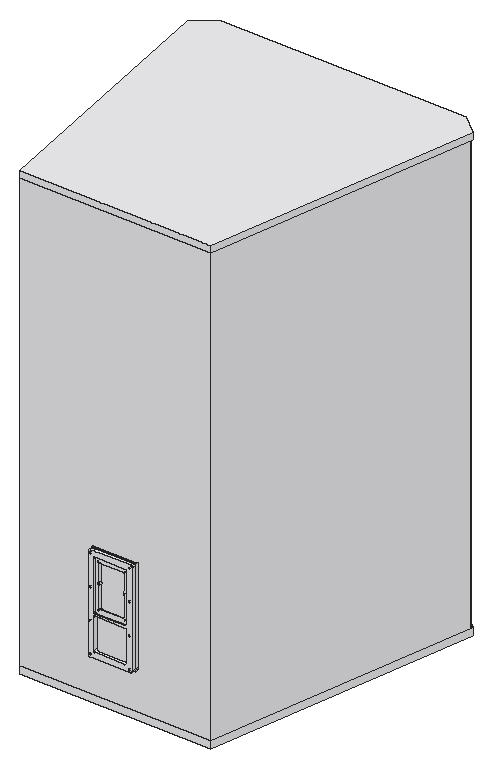
Revit family "EVC-1152-95", category Communication Devices, Revit 2017 (continued)
Definition of nested family "InputPanel_small"
  Lines and regions (mm)
    model lines, not visible
      curve 484: line (54.504, -9.5, 76.743) -> (56.298, -9.5, 74.554)
      curve 485: line (56.298, -9.5, 74.554) -> (55.807, -9.5, 74.222)
      curve 486: line (54.503, -9.5, 83.049) -> (56.297, -9.5, 80.86)
      curve 487: line (56.297, -9.5, 80.86) -> (55.806, -9.5, 80.528)
      curve 488: line (54.531, -9.5, 76.998) -> (56.131, -9.5, 75.046)
      curve 489: line (56.131, -9.5, 75.046) -> (56.7, -9.5, 75.046)
      curve 490: line (56.7, -9.5, 75.046) -> (54.662, -9.5, 77.533)
      curve 491: line (54.531, -9.5, 83.304) -> (56.13, -9.5, 81.352)
      curve 492: line (56.13, -9.5, 81.352) -> (56.699, -9.5, 81.352)
      curve 493: line (56.699, -9.5, 81.352) -> (54.661, -9.5, 83.839)
      curve 494: line (54.505, -9.5, 70.437) -> (56.298, -9.5, 68.248)
      curve 495: line (56.298, -9.5, 68.248) -> (55.807, -9.5, 67.915)
      curve 496: line (54.506, -9.5, 64.13) -> (56.299, -9.5, 61.942)
      curve 497: line (56.299, -9.5, 61.942) -> (55.808, -9.5, 61.609)
      curve 498: line (54.533, -9.5, 64.385) -> (56.132, -9.5, 62.433)
      curve 499: line (56.132, -9.5, 62.433) -> (56.702, -9.5, 62.433)
      curve 500: line (56.702, -9.5, 62.433) -> (54.664, -9.5, 64.92)
      curve 501: line (54.532, -9.5, 70.691) -> (56.131, -9.5, 68.739)
      curve 502: line (56.131, -9.5, 68.739) -> (56.701, -9.5, 68.739)
      curve 503: line (56.701, -9.5, 68.739) -> (54.663, -9.5, 71.227)
      curve 504: line (51.568, -9.5, 63.815) -> (51.568, -9.5, 60.772)
      curve 505: line (51.568, -9.5, 60.772) -> (46.145, -9.5, 60.771)
      curve 506: line (46.145, -9.5, 60.771) -> (46.141, -9.5, 85.996)
      curve 507: line (46.141, -9.5, 85.996) -> (51.565, -9.5, 85.997)
      curve 508: line (51.565, -9.5, 85.997) -> (52.989, -9.5, 85.997)
      curve 509: line (52.989, -9.5, 85.997) -> (49.876, -9.5, 86.125)
      curve 510: line (49.876, -9.5, 86.125) -> (49.754, -9.5, 86.302)
      curve 511: line (52.992, -9.5, 60.772) -> (51.568, -9.5, 60.772)
      curve 512: line (45.361, -9.5, 79.392) -> (45.362, -9.5, 73.88)
      curve 513: line (45.362, -9.5, 73.88) -> (41.147, -9.5, 73.88)
      curve 514: line (41.147, -9.5, 73.88) -> (41.146, -9.5, 79.392)
      curve 515: line (41.146, -9.5, 79.392) -> (45.361, -9.5, 79.392)
      curve 516: line (41.146, -9.5, 79.988) -> (41.145, -9.5, 85.499)
      curve 517: line (41.145, -9.5, 85.499) -> (45.36, -9.5, 85.5)
      curve 518: line (45.36, -9.5, 85.5) -> (45.361, -9.5, 79.988)
      curve 519: line (45.361, -9.5, 79.988) -> (41.146, -9.5, 79.988)
      curve 520: line (45.819, -9.5, 60.771) -> (45.816, -9.5, 85.996)
      curve 521: line (45.816, -9.5, 85.996) -> (40.689, -9.5, 85.996)
      curve 522: line (40.689, -9.5, 85.996) -> (40.692, -9.5, 60.771)
      curve 523: line (40.692, -9.5, 60.771) -> (45.819, -9.5, 60.771)
      curve 524: line (45.819, -9.5, 60.771) -> (46.145, -9.5, 60.771)
      curve 525: line (45.363, -9.5, 66.78) -> (45.363, -9.5, 61.268)
      curve 526: line (45.363, -9.5, 61.268) -> (41.148, -9.5, 61.267)
      curve 527: line (41.148, -9.5, 61.267) -> (41.147, -9.5, 66.779)
      curve 528: line (41.147, -9.5, 66.779) -> (45.363, -9.5, 66.78)
      curve 529: line (41.147, -9.5, 67.375) -> (41.147, -9.5, 72.887)
      curve 530: line (41.147, -9.5, 72.887) -> (45.362, -9.5, 72.887)
      curve 531: line (45.362, -9.5, 72.887) -> (45.363, -9.5, 67.375)
      curve 532: line (45.363, -9.5, 67.375) -> (41.147, -9.5, 67.375)
      curve 533: line (45.816, -9.5, 85.996) -> (46.141, -9.5, 85.996)
      curve 534: line (46.141, -9.5, 85.996) -> (42.88, -9.5, 86.124)
      curve 535: line (42.88, -9.5, 86.124) -> (42.758, -9.5, 86.301)
      curve 536: line (42.758, -9.5, 86.301) -> (45.891, -9.5, 86.301)
      curve 537: line (45.891, -9.5, 86.301) -> (46.013, -9.5, 86.124)
      curve 538: line (45.361, -9.5, 78.225) -> (43.953, -9.5, 78.225)
      curve 539: line (43.953, -9.5, 78.225) -> (43.627, -9.5, 78.913)
      curve 540: line (43.627, -9.5, 78.913) -> (43.242, -9.5, 79.392)
      curve 541: line (45.363, -9.5, 65.613) -> (43.954, -9.5, 65.612)
      curve 542: line (43.954, -9.5, 65.612) -> (43.629, -9.5, 66.3)
      curve 543: line (43.629, -9.5, 66.3) -> (43.244, -9.5, 66.779)
      curve 544: line (45.362, -9.5, 68.542) -> (43.954, -9.5, 68.542)
      curve 545: line (43.954, -9.5, 68.542) -> (43.629, -9.5, 67.854)
      curve 546: line (43.629, -9.5, 67.854) -> (43.244, -9.5, 67.375)
      curve 547: line (45.361, -9.5, 81.155) -> (43.952, -9.5, 81.155)
      curve 548: line (43.952, -9.5, 81.155) -> (43.627, -9.5, 80.467)
      curve 549: line (43.627, -9.5, 80.467) -> (43.242, -9.5, 79.988)
      curve 550: line (45.362, -9.5, 71.919) -> (43.954, -9.5, 71.919)
      curve 551: line (43.954, -9.5, 71.919) -> (43.628, -9.5, 72.607)
      curve 552: line (43.628, -9.5, 72.607) -> (43.403, -9.5, 72.887)
      curve 553: line (45.361, -9.5, 84.532) -> (43.952, -9.5, 84.531)
      curve 554: line (43.952, -9.5, 84.531) -> (43.627, -9.5, 85.219)
      curve 555: line (43.627, -9.5, 85.219) -> (43.401, -9.5, 85.5)
      curve 556: line (45.362, -9.5, 74.849) -> (43.953, -9.5, 74.848)
      curve 557: line (43.953, -9.5, 74.848) -> (43.628, -9.5, 74.16)
      curve 558: line (43.403, -9.5, 73.88) -> (43.628, -9.5, 74.16)
      curve 559: line (43.628, -9.5, 74.16) -> (43.627, -9.5, 78.913)
      curve 560: line (45.363, -9.5, 62.236) -> (43.955, -9.5, 62.236)
      curve 561: line (43.955, -9.5, 62.236) -> (43.629, -9.5, 61.548)
      curve 562: line (43.629, -9.5, 61.548) -> (43.629, -9.5, 66.3)
      curve 563: line (43.404, -9.5, 61.267) -> (43.629, -9.5, 61.548)
      curve 564: line (43.954, -9.5, 68.542) -> (43.954, -9.5, 71.919)
      curve 565: line (43.952, -9.5, 81.155) -> (43.952, -9.5, 84.531)
      curve 566: line (43.954, -9.5, 65.612) -> (43.955, -9.5, 62.236)
      curve 567: line (43.953, -9.5, 78.225) -> (43.953, -9.5, 74.848)
      curve 568: line (45.891, -9.5, 86.301) -> (45.891, -9.5, 86.563)
      curve 569: line (45.891, -9.5, 86.563) -> (42.758, -9.5, 86.562)
      curve 570: line (42.758, -9.5, 86.562) -> (42.758, -9.5, 86.301)
      curve 571: line (45.891, -9.5, 86.563) -> (46.472, -9.5, 86.563)
      curve 572: line (46.472, -9.5, 86.563) -> (46.472, -9.5, 86.301)
      curve 573: line (46.472, -9.5, 86.301) -> (46.35, -9.5, 86.124)
      curve 574: line (42.244, -9.5, 79.988) -> (42.243, -9.5, 85.499)
      curve 575: line (42.246, -9.5, 67.375) -> (42.245, -9.5, 72.887)
      curve 576: line (42.246, -9.5, 61.267) -> (42.246, -9.5, 66.779)
      curve 577: line (42.245, -9.5, 73.88) -> (42.244, -9.5, 79.392)
      curve 578: line (43.629, -9.5, 67.854) -> (43.628, -9.5, 72.607)
      curve 579: line (43.627, -9.5, 80.467) -> (43.627, -9.5, 85.219)
      curve 580: line (52.887, -9.5, 86.302) -> (53.009, -9.5, 86.125)
      curve 581: line (52.887, -9.5, 86.563) -> (52.887, -9.5, 86.302)
      curve 582: line (52.887, -9.5, 86.302) -> (49.754, -9.5, 86.302)
      curve 583: line (49.754, -9.5, 86.302) -> (49.754, -9.5, 86.563)
      curve 584: line (49.754, -9.5, 86.563) -> (52.887, -9.5, 86.563)
      curve 585: line (52.887, -9.5, 86.563) -> (53.468, -9.5, 86.563)
      curve 586: line (53.468, -9.5, 86.563) -> (53.468, -9.5, 86.302)
      curve 587: line (53.468, -9.5, 86.302) -> (53.346, -9.5, 86.125)
      curve 588: line (78.97, -9.5, 60.972) -> (78.967, -9.5, 85.803)
      curve 589: line (78.912, -9.5, 85.748) -> (78.915, -9.5, 61.027)
      curve 590: line (77.958, -9.5, 86.812) -> (40.515, -9.5, 86.808)
      curve 591: line (40.57, -9.5, 86.753) -> (77.903, -9.5, 86.757)
      curve 592: line (39.506, -9.5, 85.799) -> (39.509, -9.5, 60.968)
      curve 593: line (39.509, -9.5, 60.97) -> (39.561, -9.5, 85.744)
      curve 594: line (40.518, -9.5, 59.959) -> (77.962, -9.5, 59.963)
      curve 595: line (77.907, -9.5, 60.018) -> (40.573, -9.5, 60.014)
      curve 596: line (61.368, -9.5, 70.233) -> (59.749, -9.5, 70.232)
      curve 597: line (59.749, -9.5, 70.232) -> (59.415, -9.5, 70.232)
      curve 598: line (61.369, -9.5, 63.926) -> (59.75, -9.5, 63.926)
      curve 599: line (59.75, -9.5, 63.926) -> (59.417, -9.5, 63.926)
      curve 600: line (61.367, -9.5, 76.539) -> (59.748, -9.5, 76.539)
      curve 601: line (59.748, -9.5, 76.539) -> (59.415, -9.5, 76.539)
      curve 602: line (61.367, -9.5, 82.845) -> (59.747, -9.5, 82.845)
      curve 603: line (59.747, -9.5, 82.845) -> (59.414, -9.5, 82.845)
      curve 604: line (57.109, -9.5, 76.538) -> (58.728, -9.5, 76.539)
      curve 605: line (58.728, -9.5, 76.539) -> (59.062, -9.5, 76.539)
      curve 606: line (57.108, -9.5, 82.845) -> (58.727, -9.5, 82.845)
      curve 607: line (58.727, -9.5, 82.845) -> (59.06, -9.5, 82.845)
      curve 608: line (57.109, -9.5, 70.232) -> (58.729, -9.5, 70.232)
      curve 609: line (58.729, -9.5, 70.232) -> (59.062, -9.5, 70.232)
      curve 610: line (57.11, -9.5, 63.926) -> (58.729, -9.5, 63.926)
      curve 611: line (58.729, -9.5, 63.926) -> (59.063, -9.5, 63.926)
    model lines
      curve 612: arc (-30.696, -4.337, 30.291) -> (-31.037, -4.337, 28.695) -> (-32.139, -4.337, 27.491) r 3.109
      curve 613: arc (-30.695, -4.337, 42.904) -> (-31.035, -4.337, 41.308) -> (-32.138, -4.337, 40.104) r 3.109
      curve 614: arc (-30.698, -4.337, 23.985) -> (-31.033, -4.337, 22.399) -> (-32.121, -4.337, 21.198) r 3.108
      curve 615: arc (-30.696, -4.337, 36.598) -> (-31.031, -4.337, 35.012) -> (-32.119, -4.337, 33.811) r 3.108
      curve 616: arc (-31.992, -4.337, 33.004) -> (-31.001, -4.337, 31.812) -> (-30.695, -4.337, 30.291) r 3.166
      curve 617: arc (-31.991, -4.337, 45.616) -> (-30.999, -4.337, 44.424) -> (-30.693, -4.337, 42.904) r 3.166
      curve 618: arc (-31.993, -4.337, 26.696) -> (-31.002, -4.337, 25.504) -> (-30.696, -4.337, 23.985) r 3.165
      curve 619: arc (-31.991, -4.337, 39.309) -> (-31.001, -4.337, 38.117) -> (-30.695, -4.337, 36.598) r 3.165
      curve 620: arc (-30.343, -4.337, 36.598) -> (-30.002, -4.337, 38.194) -> (-28.9, -4.337, 39.398) r 3.109
      curve 621: arc (-30.344, -4.337, 23.985) -> (-30.004, -4.337, 25.581) -> (-28.901, -4.337, 26.785) r 3.109
      curve 622: arc (-30.341, -4.337, 42.904) -> (-30.006, -4.337, 44.49) -> (-28.918, -4.337, 45.691) r 3.108
      curve 623: arc (-30.343, -4.337, 30.291) -> (-30.007, -4.337, 31.877) -> (-28.92, -4.337, 33.078) r 3.108
      curve 624: arc (-29.046, -4.337, 33.885) -> (-30.038, -4.337, 35.077) -> (-30.344, -4.337, 36.598) r 3.166
      curve 625: arc (-29.048, -4.337, 21.273) -> (-30.039, -4.337, 22.465) -> (-30.346, -4.337, 23.985) r 3.166
      curve 626: arc (-29.046, -4.337, 40.193) -> (-30.037, -4.337, 41.385) -> (-30.343, -4.337, 42.904) r 3.165
      curve 627: arc (-29.048, -4.337, 27.58) -> (-30.038, -4.337, 28.772) -> (-30.344, -4.337, 30.291) r 3.165
      curve 628: arc (-33.959, -4.337, 27.746) -> (-35.033, -4.337, 28.816) -> (-35.384, -4.337, 30.292) r 2.775
      curve 629: arc (-34.651, -4.337, 27.426) -> (-35.725, -4.337, 28.679) -> (-36.075, -4.337, 30.292) r 3.371
      curve 630: arc (-33.959, -4.337, 27.746) -> (-34.28, -4.337, 27.533) -> (-34.651, -4.337, 27.426) r 1.273
      curve 631: arc (-33.957, -4.337, 40.358) -> (-35.031, -4.337, 41.429) -> (-35.382, -4.337, 42.905) r 2.775
      curve 632: arc (-34.649, -4.337, 40.039) -> (-35.723, -4.337, 41.292) -> (-36.074, -4.337, 42.905) r 3.371
      curve 633: arc (-33.957, -4.337, 40.358) -> (-34.279, -4.337, 40.146) -> (-34.649, -4.337, 40.039) r 1.273
      curve 634: arc (-33.96, -4.337, 21.44) -> (-35.033, -4.337, 22.511) -> (-35.384, -4.337, 23.986) r 2.774
      curve 635: arc (-34.651, -4.337, 21.121) -> (-35.725, -4.337, 22.374) -> (-36.075, -4.337, 23.986) r 3.37
      curve 636: arc (-33.96, -4.337, 21.44) -> (-34.281, -4.337, 21.228) -> (-34.651, -4.337, 21.121) r 1.273
      curve 637: arc (-33.958, -4.337, 34.053) -> (-35.032, -4.337, 35.123) -> (-35.382, -4.337, 36.598) r 2.774
      curve 638: arc (-34.65, -4.337, 33.734) -> (-35.723, -4.337, 34.986) -> (-36.074, -4.337, 36.598) r 3.37
      curve 639: arc (-33.958, -4.337, 34.053) -> (-34.28, -4.337, 33.84) -> (-34.65, -4.337, 33.734) r 1.273
      curve 640: arc (-35.384, -4.337, 30.292) -> (-35.033, -4.337, 31.767) -> (-33.958, -4.337, 32.838) r 2.775
      curve 641: arc (-34.65, -4.337, 33.157) -> (-34.28, -4.337, 33.051) -> (-33.958, -4.337, 32.838) r 1.273
      curve 642: arc (-36.075, -4.337, 30.292) -> (-35.724, -4.337, 31.905) -> (-34.65, -4.337, 33.157) r 3.371
      curve 643: arc (-35.382, -4.337, 42.905) -> (-35.031, -4.337, 44.38) -> (-33.957, -4.337, 45.451) r 2.775
      curve 644: arc (-34.648, -4.337, 45.77) -> (-34.278, -4.337, 45.663) -> (-33.957, -4.337, 45.451) r 1.273
      curve 645: arc (-36.074, -4.337, 42.905) -> (-35.723, -4.337, 44.517) -> (-34.648, -4.337, 45.77) r 3.371
      curve 646: arc (-35.384, -4.337, 23.986) -> (-35.033, -4.337, 25.461) -> (-33.959, -4.337, 26.531) r 2.774
      curve 647: arc (-34.651, -4.337, 26.85) -> (-34.28, -4.337, 26.743) -> (-33.959, -4.337, 26.531) r 1.273
      curve 648: arc (-36.075, -4.337, 23.986) -> (-35.725, -4.337, 25.598) -> (-34.651, -4.337, 26.85) r 3.37
      curve 649: arc (-35.382, -4.337, 36.598) -> (-35.031, -4.337, 38.073) -> (-33.958, -4.337, 39.143) r 2.774
      curve 650: arc (-34.649, -4.337, 39.463) -> (-34.279, -4.337, 39.356) -> (-33.958, -4.337, 39.143) r 1.273
      curve 651: arc (-36.074, -4.337, 36.598) -> (-35.723, -4.337, 38.21) -> (-34.649, -4.337, 39.463) r 3.37
      curve 652: arc (-30.908, -4.337, 23.985) -> (-31.259, -4.337, 22.51) -> (-32.333, -4.337, 21.44) r 2.774
      curve 653: arc (-32.332, -4.337, 26.53) -> (-31.258, -4.337, 25.46) -> (-30.908, -4.337, 23.985) r 2.774
      curve 654: arc (-30.906, -4.337, 30.291) -> (-31.258, -4.337, 28.816) -> (-32.332, -4.337, 27.745) r 2.775
      curve 655: arc (-32.331, -4.337, 32.838) -> (-31.257, -4.337, 31.767) -> (-30.906, -4.337, 30.291) r 2.775
      curve 656: arc (-30.906, -4.337, 36.598) -> (-31.257, -4.337, 35.123) -> (-32.331, -4.337, 34.053) r 2.774
      curve 657: arc (-32.33, -4.337, 39.143) -> (-31.257, -4.337, 38.073) -> (-30.906, -4.337, 36.598) r 2.774
      curve 658: arc (-30.905, -4.337, 42.904) -> (-31.256, -4.337, 41.429) -> (-32.33, -4.337, 40.358) r 2.775
      curve 659: arc (-32.33, -4.337, 45.45) -> (-31.256, -4.337, 44.38) -> (-30.905, -4.337, 42.904) r 2.775
      curve 660: arc (-36.768, -4.337, 27.427) -> (-37.818, -4.337, 28.63) -> (-38.191, -4.337, 30.182) r 3.348
      curve 661: arc (-36.766, -4.337, 40.039) -> (-37.816, -4.337, 41.242) -> (-38.19, -4.337, 42.794) r 3.348
      curve 662: arc (-38.191, -4.337, 30.403) -> (-37.817, -4.337, 31.955) -> (-36.767, -4.337, 33.158) r 3.348
      curve 663: arc (-38.19, -4.337, 43.015) -> (-37.816, -4.337, 44.568) -> (-36.766, -4.337, 45.77) r 3.348
      curve 664: arc (-36.769, -4.337, 21.121) -> (-37.825, -4.337, 22.337) -> (-38.192, -4.337, 23.905) r 3.353
      curve 665: arc (-36.767, -4.337, 33.734) -> (-37.823, -4.337, 34.95) -> (-38.191, -4.337, 36.517) r 3.353
      curve 666: arc (-38.192, -4.337, 24.067) -> (-37.824, -4.337, 25.635) -> (-36.768, -4.337, 26.85) r 3.353
      curve 667: arc (-38.191, -4.337, 36.68) -> (-37.823, -4.337, 38.248) -> (-36.767, -4.337, 39.463) r 3.353
      curve 668: arc (-32.649, -4.337, 30.292) -> (-32.982, -4.337, 28.919) -> (-34.009, -4.337, 27.951) r 2.482
      curve 669: arc (-32.65, -4.337, 23.985) -> (-32.983, -4.337, 22.613) -> (-34.01, -4.337, 21.644) r 2.482
      curve 670: arc (-33.058, -4.337, 25.478) -> (-32.751, -4.337, 24.76) -> (-32.65, -4.337, 23.985) r 2.857
      curve 671: arc (-33.734, -4.337, 25.636) -> (-33.68, -4.337, 25.558) -> (-33.628, -4.337, 25.478) r 2.446
      curve 672: arc (-33.058, -4.337, 31.784) -> (-32.75, -4.337, 31.066) -> (-32.649, -4.337, 30.292) r 2.857
      curve 673: arc (-33.733, -4.337, 31.942) -> (-33.679, -4.337, 31.864) -> (-33.627, -4.337, 31.784) r 2.446
      curve 674: arc (-32.649, -4.337, 36.598) -> (-32.981, -4.337, 35.226) -> (-34.008, -4.337, 34.257) r 2.482
      curve 675: arc (-32.648, -4.337, 42.904) -> (-32.98, -4.337, 41.532) -> (-34.008, -4.337, 40.563) r 2.482
      curve 676: arc (-33.057, -4.337, 38.091) -> (-32.75, -4.337, 37.372) -> (-32.649, -4.337, 36.598) r 2.857
      curve 677: arc (-33.733, -4.337, 38.249) -> (-33.678, -4.337, 38.171) -> (-33.626, -4.337, 38.091) r 2.446
      curve 678: arc (-33.056, -4.337, 44.397) -> (-32.749, -4.337, 43.679) -> (-32.648, -4.337, 42.904) r 2.857
      curve 679: arc (-33.732, -4.337, 44.555) -> (-33.677, -4.337, 44.477) -> (-33.626, -4.337, 44.397) r 2.446
      curve 680: arc (-27.08, -4.337, 39.143) -> (-26.006, -4.337, 38.073) -> (-25.655, -4.337, 36.597) r 2.775
      curve 681: arc (-26.388, -4.337, 39.463) -> (-25.314, -4.337, 38.21) -> (-24.964, -4.337, 36.597) r 3.371
      curve 682: arc (-27.08, -4.337, 39.143) -> (-26.759, -4.337, 39.356) -> (-26.388, -4.337, 39.463) r 1.273
      curve 683: arc (-27.082, -4.337, 26.531) -> (-26.007, -4.337, 25.46) -> (-25.657, -4.337, 23.984) r 2.775
      curve 684: arc (-26.39, -4.337, 26.85) -> (-25.316, -4.337, 25.597) -> (-24.965, -4.337, 23.984) r 3.371
      curve 685: arc (-27.082, -4.337, 26.531) -> (-26.76, -4.337, 26.743) -> (-26.39, -4.337, 26.85) r 1.273
      curve 686: arc (-27.079, -4.337, 45.449) -> (-26.006, -4.337, 44.378) -> (-25.655, -4.337, 42.903) r 2.774
      curve 687: arc (-26.388, -4.337, 45.768) -> (-25.314, -4.337, 44.515) -> (-24.963, -4.337, 42.903) r 3.37
      curve 688: arc (-27.079, -4.337, 45.449) -> (-26.758, -4.337, 45.661) -> (-26.388, -4.337, 45.768) r 1.273
      curve 689: arc (-27.081, -4.337, 32.836) -> (-26.007, -4.337, 31.766) -> (-25.657, -4.337, 30.291) r 2.774
      curve 690: arc (-26.389, -4.337, 33.155) -> (-25.315, -4.337, 31.903) -> (-24.965, -4.337, 30.291) r 3.37
      curve 691: arc (-27.081, -4.337, 32.836) -> (-26.759, -4.337, 33.049) -> (-26.389, -4.337, 33.155) r 1.273
      curve 692: arc (-25.655, -4.337, 36.597) -> (-26.006, -4.337, 35.122) -> (-27.081, -4.337, 34.051) r 2.775
      curve 693: arc (-26.389, -4.337, 33.732) -> (-26.759, -4.337, 33.838) -> (-27.081, -4.337, 34.051) r 1.273
      curve 694: arc (-24.964, -4.337, 36.597) -> (-25.315, -4.337, 34.984) -> (-26.389, -4.337, 33.732) r 3.371
      curve 695: arc (-25.657, -4.337, 23.984) -> (-26.008, -4.337, 22.509) -> (-27.082, -4.337, 21.438) r 2.775
      curve 696: arc (-26.391, -4.337, 21.119) -> (-26.761, -4.337, 21.226) -> (-27.082, -4.337, 21.438) r 1.273
      curve 697: arc (-24.965, -4.337, 23.984) -> (-25.316, -4.337, 22.372) -> (-26.391, -4.337, 21.119) r 3.371
      curve 698: arc (-25.655, -4.337, 42.903) -> (-26.006, -4.337, 41.429) -> (-27.08, -4.337, 40.358) r 2.774
      curve 699: arc (-26.388, -4.337, 40.039) -> (-26.759, -4.337, 40.146) -> (-27.08, -4.337, 40.358) r 1.273
      curve 700: arc (-24.963, -4.337, 42.903) -> (-25.314, -4.337, 41.291) -> (-26.388, -4.337, 40.039) r 3.37
      curve 701: arc (-25.657, -4.337, 30.291) -> (-26.008, -4.337, 28.816) -> (-27.081, -4.337, 27.746) r 2.774
      curve 702: arc (-26.39, -4.337, 27.426) -> (-26.76, -4.337, 27.533) -> (-27.081, -4.337, 27.746) r 1.273
      curve 703: arc (-24.965, -4.337, 30.291) -> (-25.316, -4.337, 28.679) -> (-26.39, -4.337, 27.426) r 3.37
      curve 704: arc (-30.131, -4.337, 42.904) -> (-29.78, -4.337, 44.379) -> (-28.706, -4.337, 45.449) r 2.774
      curve 705: arc (-28.707, -4.337, 40.359) -> (-29.78, -4.337, 41.429) -> (-30.131, -4.337, 42.904) r 2.774
      curve 706: arc (-30.133, -4.337, 36.598) -> (-29.781, -4.337, 38.073) -> (-28.707, -4.337, 39.144) r 2.775
      curve 707: arc (-28.708, -4.337, 34.051) -> (-29.782, -4.337, 35.122) -> (-30.133, -4.337, 36.598) r 2.775
      curve 708: arc (-30.133, -4.337, 30.291) -> (-29.782, -4.337, 31.766) -> (-28.708, -4.337, 32.836) r 2.774
      curve 709: arc (-28.708, -4.337, 27.746) -> (-29.782, -4.337, 28.816) -> (-30.133, -4.337, 30.291) r 2.774
      curve 710: arc (-30.134, -4.337, 23.985) -> (-29.783, -4.337, 25.46) -> (-28.709, -4.337, 26.531) r 2.775
      curve 711: arc (-28.709, -4.337, 21.439) -> (-29.783, -4.337, 22.509) -> (-30.134, -4.337, 23.985) r 2.775
      curve 712: arc (-24.271, -4.337, 39.462) -> (-23.221, -4.337, 38.26) -> (-22.848, -4.337, 36.707) r 3.348
      curve 713: arc (-24.272, -4.337, 26.85) -> (-23.223, -4.337, 25.647) -> (-22.849, -4.337, 24.095) r 3.348
      curve 714: arc (-22.848, -4.337, 36.486) -> (-23.222, -4.337, 34.934) -> (-24.272, -4.337, 33.731) r 3.348
      curve 715: arc (-22.849, -4.337, 23.874) -> (-23.223, -4.337, 22.321) -> (-24.273, -4.337, 21.119) r 3.348
      curve 716: arc (-24.27, -4.337, 45.768) -> (-23.214, -4.337, 44.552) -> (-22.847, -4.337, 42.984) r 3.353
      curve 717: arc (-24.272, -4.337, 33.155) -> (-23.216, -4.337, 31.939) -> (-22.848, -4.337, 30.372) r 3.353
      curve 718: arc (-22.847, -4.337, 42.822) -> (-23.215, -4.337, 41.254) -> (-24.271, -4.337, 40.039) r 3.353
      curve 719: arc (-22.848, -4.337, 30.209) -> (-23.216, -4.337, 28.641) -> (-24.272, -4.337, 27.426) r 3.353
      curve 720: arc (-28.389, -4.337, 42.904) -> (-28.056, -4.337, 44.276) -> (-27.029, -4.337, 45.245) r 2.482
      curve 721: arc (-28.39, -4.337, 36.597) -> (-28.057, -4.337, 37.97) -> (-27.03, -4.337, 38.938) r 2.482
      curve 722: arc (-27.981, -4.337, 35.105) -> (-28.288, -4.337, 35.823) -> (-28.39, -4.337, 36.597) r 2.857
      curve 723: arc (-27.306, -4.337, 34.947) -> (-27.36, -4.337, 35.025) -> (-27.412, -4.337, 35.105) r 2.446
      curve 724: arc (-27.981, -4.337, 41.411) -> (-28.288, -4.337, 42.129) -> (-28.389, -4.337, 42.904) r 2.857
      curve 725: arc (-27.305, -4.337, 41.253) -> (-27.359, -4.337, 41.331) -> (-27.411, -4.337, 41.411) r 2.446
      curve 726: arc (-28.39, -4.337, 30.291) -> (-28.058, -4.337, 31.663) -> (-27.031, -4.337, 32.632) r 2.482
      curve 727: arc (-28.391, -4.337, 23.985) -> (-28.058, -4.337, 25.357) -> (-27.031, -4.337, 26.326) r 2.482
      curve 728: arc (-27.983, -4.337, 22.492) -> (-28.29, -4.337, 23.21) -> (-28.391, -4.337, 23.985) r 2.857
      curve 729: arc (-27.307, -4.337, 22.334) -> (-27.362, -4.337, 22.412) -> (-27.413, -4.337, 22.492) r 2.446
      curve 730: arc (-27.982, -4.337, 28.799) -> (-28.289, -4.337, 29.517) -> (-28.39, -4.337, 30.291) r 2.857
      curve 731: arc (-27.306, -4.337, 28.64) -> (-27.361, -4.337, 28.718) -> (-27.412, -4.337, 28.798) r 2.446
      curve 732: spline (-49.243, -4.337, 20.022) -> (-49.374, -4.337, 20.031) -> (-49.504, -4.337, 20.057) -> (-49.629, -4.337, 20.099) -> (-49.747, -4.337, 20.158) -> (-49.857, -4.337, 20.231) -> (-49.956, -4.337, 20.318) -> (-50.043, -4.337, 20.417) -> (-50.116, -4.337, 20.527) -> (-50.175, -4.337, 20.645) -> (-50.217, -4.337, 20.77) -> (-50.243, -4.337, 20.9) -> (-50.251, -4.337, 21.031)
      curve 733: spline (-50.248, -4.337, 45.862) -> (-50.24, -4.337, 45.994) -> (-50.214, -4.337, 46.124) -> (-50.172, -4.337, 46.249) -> (-50.113, -4.337, 46.367) -> (-50.04, -4.337, 46.477) -> (-49.953, -4.337, 46.576) -> (-49.854, -4.337, 46.663) -> (-49.744, -4.337, 46.736) -> (-49.626, -4.337, 46.794) -> (-49.501, -4.337, 46.837) -> (-49.371, -4.337, 46.863) -> (-49.239, -4.337, 46.871)
      curve 734: spline (-11.796, -4.337, 46.867) -> (-11.664, -4.337, 46.858) -> (-11.535, -4.337, 46.832) -> (-11.41, -4.337, 46.79) -> (-11.291, -4.337, 46.731) -> (-11.182, -4.337, 46.658) -> (-11.082, -4.337, 46.571) -> (-10.995, -4.337, 46.472) -> (-10.922, -4.337, 46.362) -> (-10.864, -4.337, 46.244) -> (-10.821, -4.337, 46.119) -> (-10.796, -4.337, 45.989) -> (-10.787, -4.337, 45.858)
      curve 735: spline (-10.79, -4.337, 21.029) -> (-10.798, -4.337, 20.897) -> (-10.824, -4.337, 20.767) -> (-10.866, -4.337, 20.642) -> (-10.925, -4.337, 20.523) -> (-10.998, -4.337, 20.413) -> (-11.085, -4.337, 20.314) -> (-11.184, -4.337, 20.227) -> (-11.294, -4.337, 20.153) -> (-11.412, -4.337, 20.095) -> (-11.538, -4.337, 20.052) -> (-11.667, -4.337, 20.026) -> (-11.799, -4.337, 20.018)
      curve 736: spline (-11.851, -4.337, 46.812) -> (-11.719, -4.337, 46.803) -> (-11.59, -4.337, 46.777) -> (-11.465, -4.337, 46.735) -> (-11.346, -4.337, 46.676) -> (-11.237, -4.337, 46.603) -> (-11.137, -4.337, 46.516) -> (-11.05, -4.337, 46.417) -> (-10.977, -4.337, 46.307) -> (-10.919, -4.337, 46.189) -> (-10.876, -4.337, 46.064) -> (-10.851, -4.337, 45.934) -> (-10.842, -4.337, 45.803)
      curve 737: spline (-10.845, -4.337, 21.082) -> (-10.854, -4.337, 20.95) -> (-10.879, -4.337, 20.82) -> (-10.922, -4.337, 20.696) -> (-10.98, -4.337, 20.577) -> (-11.054, -4.337, 20.467) -> (-11.141, -4.337, 20.368) -> (-11.24, -4.337, 20.281) -> (-11.35, -4.337, 20.208) -> (-11.468, -4.337, 20.15) -> (-11.593, -4.337, 20.107) -> (-11.722, -4.337, 20.081) -> (-11.854, -4.337, 20.073)
      curve 738: spline (-50.193, -4.337, 45.807) -> (-50.185, -4.337, 45.939) -> (-50.159, -4.337, 46.069) -> (-50.117, -4.337, 46.194) -> (-50.058, -4.337, 46.312) -> (-49.985, -4.337, 46.422) -> (-49.898, -4.337, 46.521) -> (-49.799, -4.337, 46.608) -> (-49.689, -4.337, 46.681) -> (-49.571, -4.337, 46.739) -> (-49.446, -4.337, 46.782) -> (-49.316, -4.337, 46.808) -> (-49.184, -4.337, 46.816)
      curve 739: spline (-49.188, -4.337, 20.077) -> (-49.319, -4.337, 20.086) -> (-49.449, -4.337, 20.112) -> (-49.574, -4.337, 20.154) -> (-49.692, -4.337, 20.213) -> (-49.802, -4.337, 20.286) -> (-49.901, -4.337, 20.373) -> (-49.988, -4.337, 20.472) -> (-50.061, -4.337, 20.582) -> (-50.12, -4.337, 20.7) -> (-50.162, -4.337, 20.825) -> (-50.188, -4.337, 20.955) -> (-50.196, -4.337, 21.086)
      curve 740: line (-35.26, -4.337, 30.292) -> (-35.099, -4.337, 31.28)
      curve 741: line (-35.099, -4.337, 31.28) -> (-34.641, -4.337, 32.118)
      curve 742: line (-34.641, -4.337, 32.118) -> (-33.954, -4.337, 32.677)
      curve 743: line (-33.954, -4.337, 32.677) -> (-33.145, -4.337, 32.874)
      curve 744: line (-33.145, -4.337, 32.874) -> (-32.335, -4.337, 32.677)
      curve 745: line (-32.335, -4.337, 32.677) -> (-31.649, -4.337, 32.117)
      curve 746: line (-31.649, -4.337, 32.117) -> (-31.191, -4.337, 31.28)
      curve 747: line (-31.191, -4.337, 31.28) -> (-31.03, -4.337, 30.291)
      curve 748: line (-31.03, -4.337, 30.291) -> (-31.191, -4.337, 29.303)
      curve 749: line (-31.191, -4.337, 29.303) -> (-31.65, -4.337, 28.466)
      curve 750: line (-31.65, -4.337, 28.466) -> (-32.336, -4.337, 27.906)
      curve 751: line (-32.336, -4.337, 27.906) -> (-33.145, -4.337, 27.71)
      curve 752: line (-33.145, -4.337, 27.71) -> (-33.955, -4.337, 27.906)
      curve 753: line (-33.955, -4.337, 27.906) -> (-34.641, -4.337, 28.466)
      curve 754: line (-34.641, -4.337, 28.466) -> (-35.096, -4.337, 29.297)
      curve 755: line (-35.099, -4.337, 29.304) -> (-35.384, -4.337, 30.292)
      curve 756: line (-35.384, -4.337, 30.292) -> (-36.075, -4.337, 30.292)
      curve 757: line (-36.075, -4.337, 30.292) -> (-38.193, -4.337, 30.292)
      curve 758: line (-38.193, -4.337, 30.292) -> (-38.192, -4.337, 24.067)
      curve 759: line (-35.259, -4.337, 42.905) -> (-35.098, -4.337, 43.893)
      curve 760: line (-35.098, -4.337, 43.893) -> (-34.639, -4.337, 44.73)
      curve 761: line (-34.639, -4.337, 44.73) -> (-33.953, -4.337, 45.29)
      curve 762: line (-33.953, -4.337, 45.29) -> (-33.143, -4.337, 45.486)
      curve 763: line (-33.143, -4.337, 45.486) -> (-32.334, -4.337, 45.29)
      curve 764: line (-32.334, -4.337, 45.29) -> (-31.648, -4.337, 44.73)
      curve 765: line (-31.648, -4.337, 44.73) -> (-31.189, -4.337, 43.892)
      curve 766: line (-31.189, -4.337, 43.892) -> (-31.028, -4.337, 42.904)
      curve 767: line (-31.028, -4.337, 42.904) -> (-31.19, -4.337, 41.916)
      curve 768: line (-31.19, -4.337, 41.916) -> (-31.648, -4.337, 41.078)
      curve 769: line (-31.648, -4.337, 41.078) -> (-32.334, -4.337, 40.519)
      curve 770: line (-32.334, -4.337, 40.519) -> (-33.144, -4.337, 40.322)
      curve 771: line (-33.144, -4.337, 40.322) -> (-33.953, -4.337, 40.519)
      curve 772: line (-33.953, -4.337, 40.519) -> (-34.639, -4.337, 41.079)
      curve 773: line (-34.639, -4.337, 41.079) -> (-35.094, -4.337, 41.91)
      curve 774: line (-35.098, -4.337, 41.916) -> (-35.382, -4.337, 42.905)
      curve 775: line (-35.382, -4.337, 42.905) -> (-36.074, -4.337, 42.905)
      curve 776: line (-36.074, -4.337, 42.905) -> (-38.191, -4.337, 42.905)
      curve 777: line (-38.191, -4.337, 42.905) -> (-38.191, -4.337, 36.68)
      curve 778: line (-35.261, -4.337, 23.986) -> (-35.1, -4.337, 24.974)
      curve 779: line (-35.1, -4.337, 24.974) -> (-34.641, -4.337, 25.811)
      curve 780: line (-34.641, -4.337, 25.811) -> (-33.955, -4.337, 26.371)
      curve 781: line (-33.955, -4.337, 26.371) -> (-33.146, -4.337, 26.567)
      curve 782: line (-33.146, -4.337, 26.567) -> (-32.336, -4.337, 26.371)
      curve 783: line (-32.336, -4.337, 26.371) -> (-31.65, -4.337, 25.811)
      curve 784: line (-31.65, -4.337, 25.811) -> (-31.192, -4.337, 24.973)
      curve 785: line (-31.192, -4.337, 24.973) -> (-31.031, -4.337, 23.985)
      curve 786: line (-31.031, -4.337, 23.985) -> (-31.192, -4.337, 22.997)
      curve 787: line (-31.192, -4.337, 22.997) -> (-31.65, -4.337, 22.159)
      curve 788: line (-31.65, -4.337, 22.159) -> (-32.337, -4.337, 21.6)
      curve 789: line (-32.337, -4.337, 21.6) -> (-33.146, -4.337, 21.403)
      curve 790: line (-33.146, -4.337, 21.403) -> (-33.956, -4.337, 21.6)
      curve 791: line (-33.956, -4.337, 21.6) -> (-34.642, -4.337, 22.16)
      curve 792: line (-34.642, -4.337, 22.16) -> (-35.096, -4.337, 22.991)
      curve 793: line (-35.1, -4.337, 22.997) -> (-35.384, -4.337, 23.986)
      curve 794: line (-35.384, -4.337, 23.986) -> (-36.075, -4.337, 23.986)
      curve 795: line (-36.075, -4.337, 23.986) -> (-38.193, -4.337, 23.986)
      curve 796: line (-38.193, -4.337, 23.986) -> (-38.192, -4.337, 20.833)
      curve 797: line (-38.192, -4.337, 20.833) -> (-36.769, -4.337, 20.833)
      curve 798: line (-36.769, -4.337, 20.833) -> (-39.881, -4.337, 20.705)
      curve 799: line (-39.881, -4.337, 20.705) -> (-40.003, -4.337, 20.528)
      curve 800: line (-40.003, -4.337, 20.528) -> (-36.871, -4.337, 20.528)
      curve 801: line (-36.871, -4.337, 20.528) -> (-36.749, -4.337, 20.705)
      curve 802: line (-35.259, -4.337, 36.598) -> (-35.098, -4.337, 37.586)
      curve 803: line (-35.098, -4.337, 37.586) -> (-34.64, -4.337, 38.424)
      curve 804: line (-34.64, -4.337, 38.424) -> (-33.953, -4.337, 38.984)
      curve 805: line (-33.953, -4.337, 38.984) -> (-33.144, -4.337, 39.18)
      curve 806: line (-33.144, -4.337, 39.18) -> (-32.335, -4.337, 38.983)
      curve 807: line (-32.335, -4.337, 38.983) -> (-31.648, -4.337, 38.424)
      curve 808: line (-31.648, -4.337, 38.424) -> (-31.19, -4.337, 37.586)
      curve 809: line (-31.19, -4.337, 37.586) -> (-31.029, -4.337, 36.598)
      curve 810: line (-31.029, -4.337, 36.598) -> (-31.19, -4.337, 35.61)
      curve 811: line (-31.19, -4.337, 35.61) -> (-31.649, -4.337, 34.772)
      curve 812: line (-31.649, -4.337, 34.772) -> (-32.335, -4.337, 34.212)
      curve 813: line (-32.335, -4.337, 34.212) -> (-33.145, -4.337, 34.016)
      curve 814: line (-33.145, -4.337, 34.016) -> (-33.954, -4.337, 34.213)
      curve 815: line (-33.954, -4.337, 34.213) -> (-34.64, -4.337, 34.772)
      curve 816: line (-34.64, -4.337, 34.772) -> (-35.095, -4.337, 35.603)
      curve 817: line (-35.099, -4.337, 35.61) -> (-35.382, -4.337, 36.598)
      curve 818: line (-35.382, -4.337, 36.598) -> (-36.074, -4.337, 36.598)
      curve 819: line (-36.074, -4.337, 36.598) -> (-38.191, -4.337, 36.599)
      curve 820: line (-38.191, -4.337, 36.599) -> (-38.191, -4.337, 30.403)
      curve 821: line (-32.33, -4.337, 46.057) -> (-32.118, -4.337, 46.057)
      curve 822: line (-32.118, -4.337, 46.057) -> (-32.118, -4.337, 45.714)
      curve 823: line (-32.197, -4.337, 45.576) -> (-32.33, -4.337, 45.45)
      curve 824: line (-32.33, -4.337, 45.45) -> (-32.33, -4.337, 46.057)
      curve 825: line (-32.33, -4.337, 46.057) -> (-33.957, -4.337, 46.058)
      curve 826: line (-33.957, -4.337, 46.058) -> (-33.957, -4.337, 45.451)
      curve 827: line (-33.958, -4.337, 39.143) -> (-33.957, -4.337, 40.358)
      curve 828: line (-33.958, -4.337, 32.838) -> (-33.958, -4.337, 34.053)
      curve 829: line (-33.959, -4.337, 26.531) -> (-33.959, -4.337, 27.746)
      curve 830: line (-32.333, -4.337, 20.832) -> (-32.121, -4.337, 20.832)
      curve 831: line (-32.121, -4.337, 20.832) -> (-32.121, -4.337, 21.198)
      curve 832: line (-32.2, -4.337, 21.314) -> (-32.333, -4.337, 21.44)
      curve 833: line (-32.333, -4.337, 21.44) -> (-32.333, -4.337, 20.832)
      curve 834: line (-32.333, -4.337, 20.832) -> (-33.96, -4.337, 20.832)
      curve 835: line (-33.96, -4.337, 20.832) -> (-33.96, -4.337, 21.44)
      curve 836: line (-32.12, -4.337, 26.794) -> (-32.123, -4.337, 27.472)
      curve 837: line (-32.199, -4.337, 27.619) -> (-32.332, -4.337, 27.745)
      curve 838: line (-32.332, -4.337, 27.745) -> (-32.332, -4.337, 26.53)
      curve 839: line (-32.332, -4.337, 26.53) -> (-32.199, -4.337, 26.657)
      curve 840: line (-32.331, -4.337, 32.838) -> (-32.331, -4.337, 34.053)
      curve 841: line (-32.331, -4.337, 34.053) -> (-32.198, -4.337, 33.927)
      curve 842: line (-32.119, -4.337, 33.811) -> (-32.119, -4.337, 33.102)
      curve 843: line (-32.198, -4.337, 32.964) -> (-32.331, -4.337, 32.838)
      curve 844: line (-32.119, -4.337, 39.407) -> (-32.122, -4.337, 40.085)
      curve 845: line (-32.197, -4.337, 40.232) -> (-32.33, -4.337, 40.358)
      curve 846: line (-32.33, -4.337, 40.358) -> (-32.33, -4.337, 39.143)
      curve 847: line (-32.33, -4.337, 39.143) -> (-32.197, -4.337, 39.269)
      curve 848: line (-36.767, -4.337, 33.734) -> (-34.65, -4.337, 33.734)
      curve 849: line (-34.65, -4.337, 33.734) -> (-34.65, -4.337, 33.157)
      curve 850: line (-34.65, -4.337, 33.157) -> (-36.767, -4.337, 33.158)
      curve 851: line (-36.767, -4.337, 33.158) -> (-36.767, -4.337, 33.734)
      curve 852: line (-36.768, -4.337, 27.427) -> (-36.768, -4.337, 26.85)
      curve 853: line (-36.768, -4.337, 26.85) -> (-34.651, -4.337, 26.85)
      curve 854: line (-34.651, -4.337, 26.85) -> (-34.651, -4.337, 27.426)
      curve 855: line (-34.651, -4.337, 27.426) -> (-36.768, -4.337, 27.427)
      curve 856: line (-36.766, -4.337, 40.039) -> (-36.767, -4.337, 39.463)
      curve 857: line (-36.767, -4.337, 39.463) -> (-34.649, -4.337, 39.463)
      curve 858: line (-34.649, -4.337, 39.463) -> (-34.649, -4.337, 40.039)
      curve 859: line (-34.649, -4.337, 40.039) -> (-36.766, -4.337, 40.039)
      curve 860: line (-34.651, -4.337, 20.832) -> (-36.769, -4.337, 20.833)
      curve 861: line (-36.769, -4.337, 20.833) -> (-36.769, -4.337, 21.121)
      curve 862: line (-36.769, -4.337, 21.121) -> (-34.651, -4.337, 21.121)
      curve 863: line (-34.651, -4.337, 21.121) -> (-34.651, -4.337, 20.832)
      curve 864: line (-34.651, -4.337, 20.832) -> (-33.96, -4.337, 20.832)
      curve 865: line (-33.957, -4.337, 46.058) -> (-34.648, -4.337, 46.058)
      curve 866: line (-34.648, -4.337, 46.058) -> (-34.648, -4.337, 45.77)
      curve 867: line (-34.648, -4.337, 45.77) -> (-36.766, -4.337, 45.77)
      curve 868: line (-36.766, -4.337, 45.77) -> (-36.766, -4.337, 46.058)
      curve 869: line (-36.766, -4.337, 46.058) -> (-34.648, -4.337, 46.058)
      curve 870: line (-35.254, -4.337, 23.781) -> (-33.461, -4.337, 25.97)
      curve 871: line (-33.461, -4.337, 25.97) -> (-33.952, -4.337, 26.302)
      curve 872: line (-35.254, -4.337, 30.087) -> (-33.46, -4.337, 32.276)
      curve 873: line (-33.46, -4.337, 32.276) -> (-33.951, -4.337, 32.608)
      curve 874: line (-35.227, -4.337, 23.526) -> (-33.628, -4.337, 25.478)
      curve 875: line (-33.628, -4.337, 25.478) -> (-33.058, -4.337, 25.478)
      curve 876: line (-33.058, -4.337, 25.478) -> (-35.096, -4.337, 22.991)
      curve 877: line (-35.227, -4.337, 29.832) -> (-33.627, -4.337, 31.784)
      curve 878: line (-33.627, -4.337, 31.784) -> (-33.058, -4.337, 31.784)
      curve 879: line (-33.058, -4.337, 31.784) -> (-35.096, -4.337, 29.297)
      curve 880: line (-35.226, -4.337, 36.139) -> (-33.626, -4.337, 38.091)
      curve 881: line (-33.626, -4.337, 38.091) -> (-33.057, -4.337, 38.091)
      curve 882: line (-33.057, -4.337, 38.091) -> (-35.095, -4.337, 35.603)
      curve 883: line (-35.253, -4.337, 36.393) -> (-33.459, -4.337, 38.582)
      curve 884: line (-33.459, -4.337, 38.582) -> (-33.95, -4.337, 38.915)
      curve 885: line (-35.252, -4.337, 42.7) -> (-33.459, -4.337, 44.888)
      curve 886: line (-33.459, -4.337, 44.888) -> (-33.95, -4.337, 45.221)
      curve 887: line (-35.225, -4.337, 42.445) -> (-33.626, -4.337, 44.397)
      curve 888: line (-33.626, -4.337, 44.397) -> (-33.056, -4.337, 44.397)
      curve 889: line (-33.056, -4.337, 44.397) -> (-35.094, -4.337, 41.91)
      curve 890: line (-38.19, -4.337, 43.015) -> (-38.189, -4.337, 46.058)
      curve 891: line (-38.189, -4.337, 46.058) -> (-43.613, -4.337, 46.059)
      curve 892: line (-43.613, -4.337, 46.059) -> (-43.616, -4.337, 20.834)
      curve 893: line (-43.616, -4.337, 20.834) -> (-38.192, -4.337, 20.833)
      curve 894: line (-36.766, -4.337, 46.058) -> (-38.189, -4.337, 46.058)
      curve 895: line (-43.613, -4.337, 46.059) -> (-43.939, -4.337, 46.059)
      curve 896: line (-43.939, -4.337, 46.059) -> (-43.942, -4.337, 20.834)
      curve 897: line (-43.942, -4.337, 20.834) -> (-43.616, -4.337, 20.834)
      curve 898: line (-43.616, -4.337, 20.834) -> (-43.745, -4.337, 20.706)
      curve 899: line (-43.745, -4.337, 20.706) -> (-43.867, -4.337, 20.529)
      curve 900: line (-44.397, -4.337, 27.438) -> (-44.396, -4.337, 32.95)
      curve 901: line (-44.396, -4.337, 32.95) -> (-48.611, -4.337, 32.95)
      curve 902: line (-48.611, -4.337, 32.95) -> (-48.612, -4.337, 27.438)
      curve 903: line (-48.612, -4.337, 27.438) -> (-44.397, -4.337, 27.438)
      curve 904: line (-48.612, -4.337, 26.842) -> (-48.613, -4.337, 21.331)
      curve 905: line (-48.613, -4.337, 21.331) -> (-44.397, -4.337, 21.33)
      curve 906: line (-44.397, -4.337, 21.33) -> (-44.397, -4.337, 26.842)
      curve 907: line (-44.397, -4.337, 26.842) -> (-48.612, -4.337, 26.842)
      curve 908: line (-43.942, -4.337, 20.834) -> (-49.068, -4.337, 20.834)
      curve 909: line (-49.068, -4.337, 20.834) -> (-49.065, -4.337, 46.059)
      curve 910: line (-49.065, -4.337, 46.059) -> (-43.939, -4.337, 46.059)
      curve 911: line (-44.395, -4.337, 40.05) -> (-44.395, -4.337, 45.562)
      curve 912: line (-44.395, -4.337, 45.562) -> (-48.61, -4.337, 45.563)
      curve 913: line (-48.61, -4.337, 45.563) -> (-48.61, -4.337, 40.051)
      curve 914: line (-48.61, -4.337, 40.051) -> (-44.395, -4.337, 40.05)
      curve 915: line (-48.611, -4.337, 39.455) -> (-48.611, -4.337, 33.943)
      curve 916: line (-48.611, -4.337, 33.943) -> (-44.396, -4.337, 33.943)
      curve 917: line (-44.396, -4.337, 33.943) -> (-44.395, -4.337, 39.455)
      curve 918: line (-44.395, -4.337, 39.455) -> (-48.611, -4.337, 39.455)
      curve 919: line (-44.395, -4.337, 41.217) -> (-45.804, -4.337, 41.218)
      curve 920: line (-45.804, -4.337, 41.218) -> (-46.129, -4.337, 40.53)
      curve 921: line (-46.129, -4.337, 40.53) -> (-46.514, -4.337, 40.051)
      curve 922: line (-44.397, -4.337, 28.605) -> (-45.805, -4.337, 28.605)
      curve 923: line (-45.805, -4.337, 28.605) -> (-46.131, -4.337, 27.917)
      curve 924: line (-46.131, -4.337, 27.917) -> (-46.516, -4.337, 27.438)
      curve 925: line (-44.395, -4.337, 38.288) -> (-45.804, -4.337, 38.288)
      curve 926: line (-45.804, -4.337, 38.288) -> (-46.129, -4.337, 38.976)
      curve 927: line (-46.129, -4.337, 38.976) -> (-46.514, -4.337, 39.455)
      curve 928: line (-44.397, -4.337, 25.675) -> (-45.805, -4.337, 25.675)
      curve 929: line (-45.805, -4.337, 25.675) -> (-46.131, -4.337, 26.363)
      curve 930: line (-46.131, -4.337, 26.363) -> (-46.516, -4.337, 26.842)
      curve 931: line (-44.397, -4.337, 22.298) -> (-45.806, -4.337, 22.299)
      curve 932: line (-45.806, -4.337, 22.299) -> (-46.131, -4.337, 21.611)
      curve 933: line (-46.131, -4.337, 21.611) -> (-46.357, -4.337, 21.33)
      curve 934: line (-44.396, -4.337, 34.911) -> (-45.804, -4.337, 34.911)
      curve 935: line (-45.804, -4.337, 34.911) -> (-46.13, -4.337, 34.223)
      curve 936: line (-46.13, -4.337, 34.223) -> (-46.355, -4.337, 33.943)
      curve 937: line (-44.396, -4.337, 31.981) -> (-45.805, -4.337, 31.982)
      curve 938: line (-45.805, -4.337, 31.982) -> (-46.13, -4.337, 32.67)
      curve 939: line (-46.355, -4.337, 32.95) -> (-46.13, -4.337, 32.67)
      curve 940: line (-46.13, -4.337, 32.67) -> (-46.131, -4.337, 27.917)
      curve 941: line (-44.395, -4.337, 44.594) -> (-45.803, -4.337, 44.594)
      curve 942: line (-45.803, -4.337, 44.594) -> (-46.128, -4.337, 45.282)
      curve 943: line (-46.128, -4.337, 45.282) -> (-46.129, -4.337, 40.53)
      curve 944: line (-46.354, -4.337, 45.563) -> (-46.128, -4.337, 45.282)
      curve 945: line (-45.805, -4.337, 25.675) -> (-45.806, -4.337, 22.299)
      curve 946: line (-45.804, -4.337, 38.288) -> (-45.804, -4.337, 34.911)
      curve 947: line (-45.805, -4.337, 28.605) -> (-45.805, -4.337, 31.982)
      curve 948: line (-45.804, -4.337, 41.218) -> (-45.803, -4.337, 44.594)
      curve 949: line (-43.867, -4.337, 20.267) -> (-47, -4.337, 20.268)
      curve 950: line (-47, -4.337, 20.268) -> (-47, -4.337, 20.529)
      curve 951: line (-47, -4.337, 20.529) -> (-43.867, -4.337, 20.529)
      curve 952: line (-43.867, -4.337, 20.529) -> (-43.867, -4.337, 20.267)
      curve 953: line (-43.867, -4.337, 20.267) -> (-43.286, -4.337, 20.267)
      curve 954: line (-43.286, -4.337, 20.267) -> (-43.286, -4.337, 20.529)
      curve 955: line (-43.286, -4.337, 20.529) -> (-43.408, -4.337, 20.833)
      curve 956: line (-43.745, -4.337, 20.706) -> (-46.878, -4.337, 20.706)
      curve 957: line (-46.878, -4.337, 20.706) -> (-47, -4.337, 20.529)
      curve 958: line (-47.514, -4.337, 26.842) -> (-47.514, -4.337, 21.331)
      curve 959: line (-47.512, -4.337, 39.455) -> (-47.513, -4.337, 33.943)
      curve 960: line (-47.513, -4.337, 32.95) -> (-47.514, -4.337, 27.438)
      curve 961: line (-47.512, -4.337, 45.563) -> (-47.512, -4.337, 40.051)
      curve 962: line (-46.131, -4.337, 26.363) -> (-46.131, -4.337, 21.611)
      curve 963: line (-46.129, -4.337, 38.976) -> (-46.13, -4.337, 34.223)
      curve 964: line (-36.871, -4.337, 20.528) -> (-36.871, -4.337, 20.267)
      curve 965: line (-36.871, -4.337, 20.267) -> (-36.29, -4.337, 20.267)
      curve 966: line (-36.29, -4.337, 20.267) -> (-36.29, -4.337, 20.528)
      curve 967: line (-36.29, -4.337, 20.528) -> (-36.412, -4.337, 20.705)
      curve 968: line (-36.871, -4.337, 20.267) -> (-40.004, -4.337, 20.267)
      curve 969: line (-40.004, -4.337, 20.267) -> (-40.003, -4.337, 20.528)
      curve 970: line (-25.779, -4.337, 36.597) -> (-25.94, -4.337, 35.609)
      curve 971: line (-25.94, -4.337, 35.609) -> (-26.398, -4.337, 34.771)
      curve 972: line (-26.398, -4.337, 34.771) -> (-27.085, -4.337, 34.212)
      curve 973: line (-27.085, -4.337, 34.212) -> (-27.894, -4.337, 34.015)
      curve 974: line (-27.894, -4.337, 34.015) -> (-28.704, -4.337, 34.212)
      curve 975: line (-28.704, -4.337, 34.212) -> (-29.39, -4.337, 34.772)
      curve 976: line (-29.39, -4.337, 34.772) -> (-29.848, -4.337, 35.609)
      curve 977: line (-29.848, -4.337, 35.609) -> (-30.009, -4.337, 36.598)
      curve 978: line (-30.009, -4.337, 36.598) -> (-29.848, -4.337, 37.586)
      curve 979: line (-29.848, -4.337, 37.586) -> (-29.389, -4.337, 38.423)
      curve 980: line (-29.389, -4.337, 38.423) -> (-28.703, -4.337, 38.983)
      curve 981: line (-28.703, -4.337, 38.983) -> (-27.894, -4.337, 39.179)
      curve 982: line (-27.894, -4.337, 39.179) -> (-27.084, -4.337, 38.983)
      curve 983: line (-27.084, -4.337, 38.983) -> (-26.398, -4.337, 38.423)
      curve 984: line (-26.398, -4.337, 38.423) -> (-25.943, -4.337, 37.592)
      curve 985: line (-25.94, -4.337, 37.585) -> (-25.655, -4.337, 36.597)
      curve 986: line (-25.655, -4.337, 36.597) -> (-24.964, -4.337, 36.597)
      curve 987: line (-24.964, -4.337, 36.597) -> (-22.846, -4.337, 36.597)
      curve 988: line (-22.846, -4.337, 36.597) -> (-22.847, -4.337, 42.822)
      curve 989: line (-25.78, -4.337, 23.984) -> (-25.941, -4.337, 22.996)
      curve 990: line (-25.941, -4.337, 22.996) -> (-26.4, -4.337, 22.159)
      curve 991: line (-26.4, -4.337, 22.159) -> (-27.086, -4.337, 21.599)
      curve 992: line (-27.086, -4.337, 21.599) -> (-27.896, -4.337, 21.403)
      curve 993: line (-27.896, -4.337, 21.403) -> (-28.705, -4.337, 21.599)
      curve 994: line (-28.705, -4.337, 21.599) -> (-29.391, -4.337, 22.159)
      curve 995: line (-29.391, -4.337, 22.159) -> (-29.85, -4.337, 22.997)
      curve 996: line (-29.85, -4.337, 22.997) -> (-30.011, -4.337, 23.985)
      curve 997: line (-30.011, -4.337, 23.985) -> (-29.849, -4.337, 24.973)
      curve 998: line (-29.849, -4.337, 24.973) -> (-29.391, -4.337, 25.811)
      curve 999: line (-29.391, -4.337, 25.811) -> (-28.705, -4.337, 26.37)
      curve 1000: line (-28.705, -4.337, 26.37) -> (-27.895, -4.337, 26.567)
      curve 1001: line (-27.895, -4.337, 26.567) -> (-27.086, -4.337, 26.37)
      curve 1002: line (-27.086, -4.337, 26.37) -> (-26.4, -4.337, 25.81)
      curve 1003: line (-26.4, -4.337, 25.81) -> (-25.945, -4.337, 24.979)
      curve 1004: line (-25.941, -4.337, 24.973) -> (-25.657, -4.337, 23.984)
      curve 1005: line (-25.657, -4.337, 23.984) -> (-24.965, -4.337, 23.984)
      curve 1006: line (-24.965, -4.337, 23.984) -> (-22.847, -4.337, 23.984)
      curve 1007: line (-22.847, -4.337, 23.984) -> (-22.848, -4.337, 30.209)
      curve 1008: line (-25.778, -4.337, 42.903) -> (-25.939, -4.337, 41.915)
      curve 1009: line (-25.939, -4.337, 41.915) -> (-26.398, -4.337, 41.078)
      curve 1010: line (-26.398, -4.337, 41.078) -> (-27.084, -4.337, 40.518)
      curve 1011: line (-27.084, -4.337, 40.518) -> (-27.893, -4.337, 40.322)
      curve 1012: line (-27.893, -4.337, 40.322) -> (-28.703, -4.337, 40.518)
      curve 1013: line (-28.703, -4.337, 40.518) -> (-29.389, -4.337, 41.078)
      curve 1014: line (-29.389, -4.337, 41.078) -> (-29.847, -4.337, 41.916)
      curve 1015: line (-29.847, -4.337, 41.916) -> (-30.008, -4.337, 42.904)
      curve 1016: line (-30.008, -4.337, 42.904) -> (-29.847, -4.337, 43.892)
      curve 1017: line (-29.847, -4.337, 43.892) -> (-29.388, -4.337, 44.73)
      curve 1018: line (-29.388, -4.337, 44.73) -> (-28.702, -4.337, 45.289)
      curve 1019: line (-28.702, -4.337, 45.289) -> (-27.893, -4.337, 45.486)
      curve 1020: line (-27.893, -4.337, 45.486) -> (-27.083, -4.337, 45.289)
      curve 1021: line (-27.083, -4.337, 45.289) -> (-26.397, -4.337, 44.729)
      curve 1022: line (-26.397, -4.337, 44.729) -> (-25.943, -4.337, 43.898)
      curve 1023: line (-25.939, -4.337, 43.892) -> (-25.655, -4.337, 42.903)
      curve 1024: line (-25.655, -4.337, 42.903) -> (-24.963, -4.337, 42.903)
      curve 1025: line (-24.963, -4.337, 42.903) -> (-22.846, -4.337, 42.903)
      curve 1026: line (-22.846, -4.337, 42.903) -> (-22.846, -4.337, 46.056)
      curve 1027: line (-25.779, -4.337, 30.291) -> (-25.941, -4.337, 29.303)
      curve 1028: line (-25.941, -4.337, 29.303) -> (-26.399, -4.337, 28.465)
      curve 1029: line (-26.399, -4.337, 28.465) -> (-27.085, -4.337, 27.905)
      curve 1030: line (-27.085, -4.337, 27.905) -> (-27.895, -4.337, 27.709)
      curve 1031: line (-27.895, -4.337, 27.709) -> (-28.704, -4.337, 27.906)
      curve 1032: line (-28.704, -4.337, 27.906) -> (-29.39, -4.337, 28.465)
      curve 1033: line (-29.39, -4.337, 28.465) -> (-29.849, -4.337, 29.303)
      curve 1034: line (-29.849, -4.337, 29.303) -> (-30.01, -4.337, 30.291)
      curve 1035: line (-30.01, -4.337, 30.291) -> (-29.849, -4.337, 31.279)
      curve 1036: line (-29.849, -4.337, 31.279) -> (-29.39, -4.337, 32.117)
      curve 1037: line (-29.39, -4.337, 32.117) -> (-28.704, -4.337, 32.677)
      curve 1038: line (-28.704, -4.337, 32.677) -> (-27.894, -4.337, 32.873)
      curve 1039: line (-27.894, -4.337, 32.873) -> (-27.085, -4.337, 32.676)
      curve 1040: line (-27.085, -4.337, 32.676) -> (-26.399, -4.337, 32.117)
      curve 1041: line (-26.399, -4.337, 32.117) -> (-25.944, -4.337, 31.286)
      curve 1042: line (-25.94, -4.337, 31.279) -> (-25.657, -4.337, 30.291)
      curve 1043: line (-25.657, -4.337, 30.291) -> (-24.965, -4.337, 30.291)
      curve 1044: line (-24.965, -4.337, 30.291) -> (-22.847, -4.337, 30.29)
      curve 1045: line (-22.847, -4.337, 30.29) -> (-22.848, -4.337, 36.486)
      curve 1046: line (-28.709, -4.337, 20.832) -> (-28.921, -4.337, 20.832)
      curve 1047: line (-28.921, -4.337, 20.832) -> (-28.921, -4.337, 21.175)
      curve 1048: line (-28.842, -4.337, 21.313) -> (-28.709, -4.337, 21.439)
      curve 1049: line (-28.709, -4.337, 21.439) -> (-28.709, -4.337, 20.832)
      curve 1050: line (-28.709, -4.337, 20.832) -> (-27.082, -4.337, 20.831)
      curve 1051: line (-27.082, -4.337, 20.831) -> (-27.082, -4.337, 21.438)
      curve 1052: line (-27.081, -4.337, 27.746) -> (-27.082, -4.337, 26.531)
      curve 1053: line (-27.081, -4.337, 34.051) -> (-27.081, -4.337, 32.836)
      curve 1054: line (-27.08, -4.337, 40.358) -> (-27.08, -4.337, 39.143)
      curve 1055: line (-28.706, -4.337, 46.057) -> (-28.918, -4.337, 46.057)
      curve 1056: line (-28.918, -4.337, 46.057) -> (-28.918, -4.337, 45.691)
      curve 1057: line (-28.839, -4.337, 45.575) -> (-28.706, -4.337, 45.449)
      curve 1058: line (-28.706, -4.337, 45.449) -> (-28.706, -4.337, 46.057)
      curve 1059: line (-28.706, -4.337, 46.057) -> (-27.079, -4.337, 46.057)
      curve 1060: line (-27.079, -4.337, 46.057) -> (-27.079, -4.337, 45.449)
      curve 1061: line (-28.919, -4.337, 40.095) -> (-28.915, -4.337, 39.417)
      curve 1062: line (-28.84, -4.337, 39.27) -> (-28.707, -4.337, 39.144)
      curve 1063: line (-28.707, -4.337, 39.144) -> (-28.707, -4.337, 40.359)
      curve 1064: line (-28.707, -4.337, 40.359) -> (-28.84, -4.337, 40.232)
      curve 1065: line (-28.708, -4.337, 34.051) -> (-28.708, -4.337, 32.836)
      curve 1066: line (-28.708, -4.337, 32.836) -> (-28.841, -4.337, 32.963)
      curve 1067: line (-28.92, -4.337, 33.078) -> (-28.919, -4.337, 33.787)
      curve 1068: line (-28.841, -4.337, 33.925) -> (-28.708, -4.337, 34.051)
      curve 1069: line (-28.92, -4.337, 27.482) -> (-28.917, -4.337, 26.804)
      curve 1070: line (-28.842, -4.337, 26.657) -> (-28.709, -4.337, 26.531)
      curve 1071: line (-28.709, -4.337, 26.531) -> (-28.708, -4.337, 27.746)
      curve 1072: line (-28.708, -4.337, 27.746) -> (-28.842, -4.337, 27.62)
      curve 1073: line (-24.272, -4.337, 33.155) -> (-26.389, -4.337, 33.155)
      curve 1074: line (-26.389, -4.337, 33.155) -> (-26.389, -4.337, 33.732)
      curve 1075: line (-26.389, -4.337, 33.732) -> (-24.272, -4.337, 33.731)
      curve 1076: line (-24.272, -4.337, 33.731) -> (-24.272, -4.337, 33.155)
      curve 1077: line (-24.271, -4.337, 39.462) -> (-24.271, -4.337, 40.039)
      curve 1078: line (-24.271, -4.337, 40.039) -> (-26.388, -4.337, 40.039)
      curve 1079: line (-26.388, -4.337, 40.039) -> (-26.388, -4.337, 39.463)
      curve 1080: line (-26.388, -4.337, 39.463) -> (-24.271, -4.337, 39.462)
      curve 1081: line (-24.272, -4.337, 26.85) -> (-24.272, -4.337, 27.426)
      curve 1082: line (-24.272, -4.337, 27.426) -> (-26.39, -4.337, 27.426)
      curve 1083: line (-26.39, -4.337, 27.426) -> (-26.39, -4.337, 26.85)
      curve 1084: line (-26.39, -4.337, 26.85) -> (-24.272, -4.337, 26.85)
      curve 1085: line (-26.388, -4.337, 46.057) -> (-24.27, -4.337, 46.056)
      curve 1086: line (-24.27, -4.337, 46.056) -> (-24.27, -4.337, 45.768)
      curve 1087: line (-24.27, -4.337, 45.768) -> (-26.388, -4.337, 45.768)
      curve 1088: line (-26.388, -4.337, 45.768) -> (-26.388, -4.337, 46.057)
      curve 1089: line (-26.388, -4.337, 46.057) -> (-27.079, -4.337, 46.057)
      curve 1090: line (-27.082, -4.337, 20.831) -> (-26.391, -4.337, 20.831)
      curve 1091: line (-26.391, -4.337, 20.831) -> (-26.391, -4.337, 21.119)
      curve 1092: line (-26.391, -4.337, 21.119) -> (-24.273, -4.337, 21.119)
      curve 1093: line (-24.273, -4.337, 21.119) -> (-24.273, -4.337, 20.831)
      curve 1094: line (-24.273, -4.337, 20.831) -> (-26.391, -4.337, 20.831)
      curve 1095: line (-25.785, -4.337, 36.802) -> (-27.579, -4.337, 34.613)
      curve 1096: line (-27.579, -4.337, 34.613) -> (-27.088, -4.337, 34.281)
      curve 1097: line (-25.785, -4.337, 43.108) -> (-27.578, -4.337, 40.92)
      curve 1098: line (-27.578, -4.337, 40.92) -> (-27.087, -4.337, 40.587)
      curve 1099: line (-25.812, -4.337, 37.057) -> (-27.412, -4.337, 35.105)
      curve 1100: line (-27.412, -4.337, 35.105) -> (-27.981, -4.337, 35.105)
      curve 1101: line (-27.981, -4.337, 35.105) -> (-25.943, -4.337, 37.592)
      curve 1102: line (-25.812, -4.337, 43.363) -> (-27.411, -4.337, 41.411)
      curve 1103: line (-27.411, -4.337, 41.411) -> (-27.981, -4.337, 41.411)
      curve 1104: line (-27.981, -4.337, 41.411) -> (-25.943, -4.337, 43.898)
      curve 1105: line (-25.786, -4.337, 30.496) -> (-27.579, -4.337, 28.307)
      curve 1106: line (-27.579, -4.337, 28.307) -> (-27.088, -4.337, 27.974)
      curve 1107: line (-25.787, -4.337, 24.189) -> (-27.58, -4.337, 22.001)
      curve 1108: line (-27.58, -4.337, 22.001) -> (-27.089, -4.337, 21.668)
      curve 1109: line (-25.814, -4.337, 24.444) -> (-27.413, -4.337, 22.492)
      curve 1110: line (-27.413, -4.337, 22.492) -> (-27.983, -4.337, 22.492)
      curve 1111: line (-27.983, -4.337, 22.492) -> (-25.945, -4.337, 24.979)
      curve 1112: line (-25.813, -4.337, 30.75) -> (-27.412, -4.337, 28.798)
